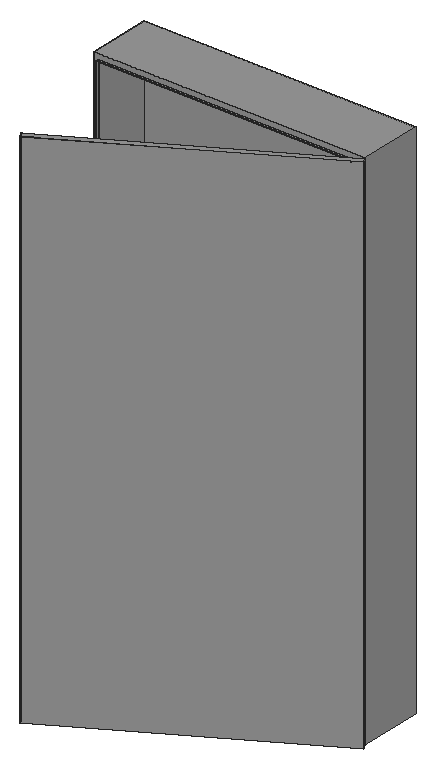
Revit family "Hager-Univers-IP44-D205-H1550-Cl.II-Encl-NoHosted-CH-en", category Equipement électrique, Revit 2020
Family settings
  Configuration du panneau = Deux colonnes, circuits au sein
  Cote de connecteur circulaire = Utiliser le diamètre
  Type d'élément = Tableau de raccordement
  Basée sur le plan de construction = Oui
  Toujours verticalement = Oui
  Couper avec des vides une fois chargée = Non
  Partagée = Non
  Point de calcul de pièce = Non
Parameters (values of type "Surface mounted (plaster) IP44 W800 H1550 D205  - FP03SN2")
  Width Control [instance] = if([EF000008 - Width] > Min Width, [EF000008 - Width], Min Width)  # 800 mm
  Commentaires du type = [HG000003 - Range]  # "Univers"
  Thickness Door [instance] = if([EF009171 - Material plate thickness door/cover] > 3 mm, 3 mm, [EF009171 - Material plate thickness door/cover])  # 1 mm
  Seal Frame Offset [instance] = 17 mm  # constant formula
  Plinth Visibility [instance] = [HG000027 - Plinth height] > 0 mm  # no
  Min Width [instance] = 100 mm  # constant formula
  Min Depth [instance] = (2 * [EF009170 - Material plate thickness cabinet]) + 1 mm  # 3 mm
  Min Height [instance] = 100 mm  # constant formula
  Internal Frame Depth [instance] = (Door System Depth * 0.5)  # 9 mm
  Panel Name [instance] = ""  # (empty or 0)
  Model = ""
  HG000027 - Plinth height = 0 mm
  HG000026 - Floor standing = no
  HG000024 - Bottom section height = 600 mm
  HG000023 - Double section enclosure = no
  HG000016 - Door 3d visibility [instance] = yes
  HG000015 - Clearance visibility [instance] = no
  HG000014 - Door on the right [instance] = yes
  HG000013 - Door on the left [instance] = not([HG000014 - Door on the right])  # no
  HG000012 - Door swing angle [instance] = 30.00°
  HG000010 - Asymmetric doors = no
  HG000009 - Double swing door = no
  HG000006 - Flush mounted = no
  HG000004 - Manufacturer reference = "FP03SN2"
  HG000003 - Range = "Univers"
  HG000002 - With door or cover = yes
  Frame Offset Bottom [instance] = 10 mm  # constant formula
  Frame Offset [instance] = 15 mm  # constant formula
  EF015940 - Cover with overpressure release = no
  EF011959 - Degree of protection (NEMA) = ""
  EF009554 - Number of openings for flange plates = 6
  EF009212 - Cover model = "EV000116 - Closed"
  EF009171 - Material plate thickness door/cover = 1 mm
  EF009170 - Material plate thickness cabinet = 1 mm
  EF008873 - Nominal current (In) = 250 A
  EF007800 - Suitable for lightning protection = no
  EF006306 - With lock = no
  EF006244 - Transparent cover/door = no
  EF005474 - Degree of protection (IP) = "EV006418 - IP44"
  EF004464 - Type of door = "EV002646 - Single"
  EF004427 - Number of modules = 360
  EF004293 - Impact strength = "EV006815 - IK09"
  EF003532 - Suitable for outdoor use = no
  EF002950 - Width in number of modular spacings = 36
  EF001613 - Circuit integrity = "EV000494 - None"
  EF001596 - Material housing = "EV000179 - Steel"
  EF001131 - Internal depth = 143 mm
  EF001088 - Extension possible = yes
  EF000437 - Number of conduit inlets = 6
  EF000339 - Type of cover = "EV001012 - Cover"
  EF000266 - Number of rows = 10
  EF000218 - Built-in depth = 205 mm
  EF000118 - With mounting plate = no
  EF000116 - RAL-number = "9010"
  EF000049 - Depth = 205 mm
  EF000040 - Height = 1550 mm
  EF000008 - Width = 800 mm
  EF000007 - Colour = "EV000202 - White"
  EF000003 - Mounting method = "EV000384 - Surface mounted (plaster)"
  Door System Leaf Tolerance [instance] = 1.5 mm  # constant formula
  Door System Depth [instance] = 18 mm  # constant formula
  Door Height [instance] = Height Control - [HG000027 - Plinth height]  # 1550 mm
  Description = ""
  Default Elevation = 1219.2 mm
  Connector Offset [instance] = Height Control / 2  # 775 mm
  Fabricant = "Hager"  # constant formula
  Height Control [instance] = if([EF000040 - Height] > Min Height, [EF000040 - Height], Min Height)  # 1550 mm
  Depth Control [instance] = if([EF000049 - Depth] > Min Depth, [EF000049 - Depth], Min Depth)  # 205 mm
  Bottom Top Plate Trim [instance] = 1.5 mm  # constant formula
  Plinth height Ctrl [instance] = if([HG000027 - Plinth height] > 0 mm, [HG000027 - Plinth height], 12 mm)  # 12 mm
Types (5, lengths in mm): name | Width Control | HG000009 - Double swing door | HG000004 - Manufacturer reference | EF009554 - Number of openings for flange plates | EF008873 - Nominal current (In) | EF004464 - Type of door | EF004427 - Number of modules | EF002950 - Width in number of modular spacings | EF001131 - Internal depth | EF000437 - Number of conduit inlets | EF000008 - Width
  Surface mounted (plaster) IP44 W1050 H1550 D205  - FP04SN2 | 1050 | yes | "FP04SN2" | 8 | 400 A | "EV003602 - Double" | 480 | 48 | 143 | 8 | 1050
  Surface mounted (plaster) IP44 W1300 H1550 D205  - FP05SN2 | 1300 | yes | "FP05SN2" | 10 | 400 A | "EV003602 - Double" | 600 | 60 | 143 | 10 | 1300
  Surface mounted (plaster) IP44 W300 H1550 D205  - FP01SN2 | 300 | no | "FP01SN2" | 2 | 250 A | "EV002646 - Single" | 120 | 12 | 130 | 2 | 300
  Surface mounted (plaster) IP44 W550 H1550 D205  - FP02SN2 | 550 | no | "FP02SN2" | 4 | 250 A | "EV002646 - Single" | 240 | 24 | 143 | 4 | 550
  Surface mounted (plaster) IP44 W800 H1550 D205  - FP03SN2 | 800 | no | "FP03SN2" | 6 | 250 A | "EV002646 - Single" | 360 | 36 | 143 | 6 | 800
Reference planes
  plane 1 "Center (Front/Back)": y = 0
  plane 2: z = 0
  plane 3 "Center (Left/Right)": x = 0
  plane 4: y = 0
  plane 5: y = 0
  plane 6: z = 0
  plane 7: x = -400
  plane 8: x = 400
  plane 9: x = 399
  plane 10: x = -399
  plane 11: z = 0
  plane 12: z = 1
  plane 13: y = -205
  plane 14: y = -1
  plane 15: x = 0
  plane 16: y = -187
  plane 17: y = -204
  plane 18: y = -186
  plane 19: x = -384
  plane 20: x = 384
  plane 21: z = 11
  plane 22: x = -383
  plane 23: x = 383
  plane 24: z = 0
  plane 25: z = 1550
  plane 26: z = 1550
  plane 27: z = 1534
  plane 28: z = 1549
Forms (mm)
  Extrusion 1, solid, material "Hager_Steel_RAL7035_Light_Grey", detail levels medium+fine
    sketch origin (-208.679, -4572, 0) x (-1, 0, 0) y (0, -1, 0)
      loop
        line (191.321, -4385) -> (-608.679, -4385) -> (-608.679, -4572) -> (191.321, -4572) -> (191.321, -4385)
    from 0 to 1550
  Extrusion 2, void
    sketch origin (-350.771, -205, 1219.2) x (1, 0, 0) y (0, 0, 1)
      loop
        line (-48.229, 329.8) -> (-48.229, -1218.2) -> (749.771, -1218.2) -> (749.771, 329.8) -> (-48.229, 329.8)
    from -19 to -204
  Extrusion 3, void
    sketch origin (-290.084, -187, 1219.2) x (1, 0, 0) y (0, 0, 1)
      loop
        line (-93.916, -1208.2) -> (674.084, -1208.2) -> (674.084, 314.8) -> (-93.916, 314.8) -> (-93.916, -1208.2)
    from 0 to -1
  Extrusion 4, solid, material "Hager_Steel_RAL7035_Light_Grey", visible <- "Plinth Visibility", detail levels medium+fine
    sketch origin (0, 0, 0) x (1, 0, 0) y (0, 1, 0)
      loop
        line (-400, 0) -> (-400, -187) -> (400, -187) -> (400, 0) -> (-400, 0)
    from 0 to 12 <- "Plinth height Ctrl"
  Extrusion 5, solid, material "Hager_Steel_RAL7035_Light_Grey", detail levels coarse
    sketch origin (0, 0, 0) x (1, 0, 0) y (0, 1, 0)
      loop
        line (-400, 0) -> (-400, -205) -> (400, -205) -> (400, 0) -> (-400, 0)
    from 0 to 1550 <- "Height Control"
  Sweep 6, void
    path in 3D
      loop
        line (-400, -187, 12) -> (400, -187, 12) -> (400, 0, 12) -> (-400, 0, 12) -> (-400, -187, 12)
    profile origin (-400, -93.5, 12) x (1, 0, 0) y (0, 0, 1)
      loop
        line (0, 0) -> (0, -1.5) -> (1.5, -1.5)
        arc (1.5, -1.5) -> (1.061, -0.439) -> (0, 0) r 1.5
  Extrusion 7, solid, material "Hager_Steel_RAL7035_Light_Grey", detail levels fine
    sketch origin (-400, -187, 0) x (1, 0, 0) y (0, 0, 1)
      loop
        line (16, 11) -> (784, 11) -> (784, 1534) -> (16, 1534) -> (16, 11)
      loop
        line (15, 10) -> (785, 10) -> (785, 1535) -> (15, 1535) -> (15, 10)
    from 0 to 9 <- "Internal Frame Depth"
Cuts and joins
  Extrusion 2, Extrusion 3 cuts Extrusion 1
  Sweep 6 cuts Extrusion 4
Lines and regions (mm)
  Masking region 1
    outline origin (0, 0, 0) x (1, 0, 0) y (0, 1, 0)
      loop
        line (-400, 0) -> (-400, -205) -> (400, -205) -> (400, 0) -> (-400, 0)
  Masking region 2, detail levels coarse
    outline origin (-290.084, -187, 1219.2) x (-1, 0, 0) y (0, 0, 1)
      loop
        line (-690.084, -1219.2) -> (109.916, -1219.2) -> (109.916, 330.8) -> (-690.084, 330.8) -> (-690.084, -1219.2)
  Masking region 3, detail levels coarse
    outline origin (0, 0, 0) x (0, 1, 0) y (0, 0, 1)
      loop
        line (0, 0) -> (0, 1550) -> (-205, 1550) -> (-205, 0) -> (0, 0)
  Masking region 4, visible <- "Plinth Visibility", detail levels medium+fine
    outline origin (0, 0, 0) x (0, 1, 0) y (0, 0, 1)
      loop
        line (-1.5, 12) -> (-185.5, 12)
        arc (-185.5, 12) -> (-185.939, 10.939) -> (-187, 10.5) r 1.5
        line (-187, 10.5) -> (-187, 0) -> (0, 0) -> (0, 10.5)
        arc (0, 10.5) -> (-1.061, 10.939) -> (-1.5, 12) r 1.5
  Masking region 5, detail levels medium+fine
    outline origin (0, 0, 594.038) x (0, 1, 0) y (0, 0, 1)
      loop
        line (0, -594.038) -> (0, 955.962) -> (-187, 955.962) -> (-187, -594.038) -> (0, -594.038)
  Masking region 6, detail levels medium+fine
    outline origin (-359.7, -187, 1211.883) x (-1, 0, 0) y (0, 0, 1)
      loop
        line (-759.7, -1211.883) -> (40.3, -1211.883) -> (40.3, 338.117) -> (-759.7, 338.117) -> (-759.7, -1211.883)
  Masking region 7, visible <- "Plinth Visibility", detail levels medium+fine
    outline origin (-320.334, -187, 1041.368) x (-1, 0, 0) y (0, 0, 1)
      loop
        line (-720.334, -1041.368) -> (79.666, -1041.368) -> (79.666, -1030.868)
        arc (79.666, -1030.868) -> (78.606, -1030.429) -> (78.166, -1029.368) r 1.5
        line (78.166, -1029.368) -> (-718.834, -1029.368)
        arc (-718.834, -1029.368) -> (-719.273, -1030.429) -> (-720.334, -1030.868) r 1.5
        line (-720.334, -1030.868) -> (-720.334, -1041.368)
  sketch lines
    curve 1: line (-400, 0, 12) -> (-400, -187, 12)
    curve 2: line (-400, -187, 12) -> (400, -187, 12)
    curve 3: line (400, 0, 12) -> (-400, 0, 12)
    curve 4: line (400, -187, 12) -> (400, 0, 12)
Dimensions and locks
  locked: plane 1 "Center (Front/Back)" to plane 5
  "EF009170 - Material plate thickness cabinet": plane 7 to plane 10
  "EF009170 - Material plate thickness cabinet": plane 8 to plane 9
  equal spacing: plane 7, plane 3 "Center (Left/Right)", plane 8
  "Width Control": plane 7 to plane 8
  "Depth Control": plane 4 to plane 13
  "EF009170 - Material plate thickness cabinet": plane 4 to plane 14
  "Height Control": plane 25 to level
  "HG000027 - Plinth height": plane 11 to level
  "EF009170 - Material plate thickness cabinet": plane 12 to plane 11
  "EF009170 - Material plate thickness cabinet": plane 17 to plane 13
  "EF009170 - Material plate thickness cabinet": plane 18 to plane 16
  "Frame Offset Bottom": plane 21 to plane 12
  "Frame Offset": plane 10 to plane 19
  "Frame Offset": plane 9 to plane 20
  "Door System Depth": plane 16 to plane 13
  "Seal Frame Offset": plane 7 to plane 22
  "Seal Frame Offset": plane 8 to plane 23
  "EF009170 - Material plate thickness cabinet": plane 26 to plane 28
  "Frame Offset": plane 28 to plane 27
  "Connector Offset": plane 2 to connector elem
  "Bottom Top Plate Trim": profile plane to Sweep 6 sketch curve
  "Bottom Top Plate Trim": Sweep 6 sketch curve to Sweep 6 sketch curve
  "Plinth height Ctrl": Masking region 4 sketch curve to level
  "Plinth height Ctrl": Masking region 7 sketch curve to level
  "Thickness Door": Extrusion 7 sketch curve to Extrusion 7 sketch curve  (x4)
  "Bottom Top Plate Trim": radius of Sweep 6 sketch curve
  "Bottom Top Plate Trim": radius of Masking region 4 sketch curve  (x2)
  "Bottom Top Plate Trim": radius of Masking region 7 sketch curve  (x2)
  aligned and locked: Extrusion 2 sketch curve to plane 12
  aligned and locked: Extrusion 2 sketch curve to plane 9
  aligned and locked: Extrusion 2 sketch curve to plane 10
  aligned and locked: Extrusion 2 to plane 14
  aligned and locked: Extrusion 1 sketch curve to plane 4
  aligned and locked: plane 8 to Extrusion 1 sketch curve
  aligned and locked: plane 7 to Extrusion 1 sketch curve
  aligned and locked: Extrusion 2 to plane 18
  aligned and locked: Extrusion 3 sketch curve to plane 19
  aligned and locked: plane 20 to Extrusion 3 sketch curve
  aligned and locked: Extrusion 3 to Extrusion 2
  aligned and locked: Extrusion 3 sketch curve to plane 21
  aligned and locked: plane 3 "Center (Left/Right)" to nested 1
  aligned and locked: Extrusion 1 sketch curve to plane 16
  aligned and locked: Extrusion 4 sketch curve to cut or joined group of Extrusion 1, Extrusion 2, Extrusion 3
  aligned and locked: Masking region 1 sketch curve to plane 7
  aligned and locked: Masking region 1 sketch curve to plane 5
  aligned and locked: Masking region 1 sketch curve to plane 8
  aligned and locked: Masking region 2 sketch curve to level
  aligned and locked: level to Masking region 3 sketch curve
  aligned and locked: plane 1 "Center (Front/Back)" to Masking region 3 sketch curve
  aligned and locked: plane 13 to Masking region 3 sketch curve
  aligned and locked: plane 5 to Masking region 4 sketch curve
  aligned and locked: Masking region 2 sketch curve to plane 8
  aligned and locked: Masking region 2 sketch curve to plane 7
  aligned and locked: plane 7 to nested 2
  aligned and locked: nested 2 to plane 5
  aligned and locked: plane 5 to Masking region 5 sketch curve
  aligned and locked: plane 26 to Masking region 5 sketch curve
  aligned and locked: Extrusion 5 sketch curve to plane 8
  aligned and locked: Extrusion 5 sketch curve to plane 7
  aligned and locked: Extrusion 5 sketch curve to plane 5
  aligned and locked: Extrusion 3 sketch curve to plane 27
  aligned and locked: Extrusion 2 sketch curve to plane 28
  aligned and locked: Masking region 2 to plane 25
  aligned and locked: Extrusion 4 to plane 16
  aligned and locked: profile plane to Sweep 6 sketch curve
  aligned and locked: Masking region 5 sketch curve to plane 24
  aligned and locked: level to Masking region 4 sketch curve
  aligned and locked: Masking region 1 to plane 13
  aligned and locked: nested 1 to plane 16
  aligned and locked: Masking region 3 to plane 25
  aligned and locked: plane 16 to Masking region 4 sketch curve
  aligned and locked: Masking region 5 sketch curve to plane 16
  aligned and locked: plane 24 to plane 11
  aligned and locked: plane 26 to plane 25
  aligned and locked: plane 26 to cut or joined group of Extrusion 1, Extrusion 2, Extrusion 3
  aligned and locked: nested 1 to plane 24
  aligned and locked: Extrusion 1 to Extrusion 3
  aligned and locked: Masking region 6 sketch curve to plane 8
  aligned and locked: Masking region 6 sketch curve to plane 24
  aligned and locked: Masking region 6 sketch curve to plane 7
  aligned and locked: Masking region 6 sketch curve to plane 26
  aligned and locked: Masking region 7 sketch curve to plane 7
  aligned and locked: level to Masking region 7 sketch curve
  aligned and locked: Masking region 7 sketch curve to plane 8
  aligned and locked: Extrusion 7 sketch curve to cut or joined group of Extrusion 1, Extrusion 2, Extrusion 3  (x4)
Automatic sketch dimensions
  plane 19 to Extrusion 3 sketch curve = 0 mm
  Extrusion 3 sketch curve to plane 20 = 0 mm
  Extrusion 3 sketch curve to plane 21 = 0 mm
  Extrusion 4 sketch curve to plane 7 = 0 mm
  Extrusion 4 sketch curve to plane 8 = 0 mm
  Extrusion 4 sketch curve to plane 16 = 0 mm
  Masking region 1 sketch curve to plane 13 = 0 mm
  Masking region 2 sketch curve to plane 25 = 0 mm
  Masking region 3 sketch curve to plane 25 = 0 mm
  Extrusion 5 sketch curve to plane 13 = 0 mm
  profile plane to Sweep 6 sketch curve = 0 mm
Nested families
  nested 1: "EC000058_Univers_Door" at (0, -187, 0), Double <- "HG000009 - Double swing door", Transparent <- "EF006244 - Transparent cover/door", Angle <- "HG000012 - Door swing angle", Door_Right <- "HG000014 - Door on the right", Assymetrical <- "HG000010 - Asymmetric doors", Door <- "HG000002 - With door or cover", Width_Ctrl <- "Width Control", 3d_Door <- "HG000016 - Door 3d visibility", Clearance <- "HG000015 - Clearance visibility", Door_Left <- "HG000013 - Door on the left", Width <- "Width Control", Door_Depth <- "Door System Depth", Leaf_Tolerance <- "Door System Leaf Tolerance", Height <- "Door Height", Lock_Visibility <- "EF006306 - With lock", Thickness <- "Thickness Door", type "EC000058_Univers_Door", detail levels medium+fine
    with min_wh 3 mm, Width_Ctrl 800 mm, Width 800 mm, Transparent no, Thickness 1 mm, Seal_Material Hager_Rubber, Lock_Visibility no, Lock_Material Hager_Plastic_RAL9005_Jet_Black, Leaf_Width 800 mm, Leaf_Tolerance_External_Sides 0 mm, Leaf_Tolerance 1.5 mm, Leaf_Offset 0 mm, Leaf_Height 1547 mm, Leaf_2_Width 800 mm, Leaf_2_Offset 400 mm, Leaf_1_Width 800 mm, Leaf_1_Offset 400 mm, Height_Ctrl 1550 mm, Height 1550 mm, Glass_Material Hager_Glass, Double_Clearance_Ctrl no, Double no, Door_Right_Ctrl yes, Door_Right yes, Door_Material Hager_Steel_RAL7035_Light_Grey, Door_Left_Ctrl no, Door_Left no, Door_Depth 18 mm, Door yes, Clearance_Material Hager_Clearance, Clearance_Depth 800 mm, Clearance_Ctrl no, Clearance no, Assymetrical no, Angle 30.00°, 3d_Door yes
  nested 2: "Hager_Enclosure_Symbol" at (-400, 0, 0), Height <- "Depth Control", Width <- "Width Control", type "Hager_Enclosure_Symbol"
    with Width_Ctrl 800 mm, Width 800 mm, Height_Ctrl 205 mm, Height 205 mm, A_Width_Int 13.453 mm, A_Width 161.438 mm, A_Height_Ctrl 179.375 mm, A_Height 179.375 mm
Connectors
  electrical at (0, 0, 775)
    settings: on plane 1 "Center (Front/Back)", index 1, voltage 0 V, apparent load 0 VA, apparent load phase1 0 VA, apparent load phase2 0 VA, apparent load phase3 0 VA, power factor 1, load classification "Other", number of poles 1, system type 30, power factor state 1, is connector primary yes, connector utility no, sub classification motor no, connector description ""
Definition of nested family "EC000058_Univers_Door"
  Parameters (values of type "EC000058_Univers_Door")
    min_wh [instance] = (2 * Thickness) + 1 mm  # 11 mm
    Width_Ctrl [instance] = 400 mm
    Width [instance] = 500 mm
    Transparent [instance] = yes
    Thickness [instance] = 5 mm
    Seal_Material [instance] = none
    Lock_Visibility [instance] = yes
    Lock_Material [instance] = none
    Leaf_Width [instance] = if((Width_Ctrl - 2 * Leaf_Tolerance_External_Sides) > 0 mm, (Width_Ctrl - 2 * Leaf_Tolerance_External_Sides), min_wh)  # 400 mm
    Leaf_Tolerance_External_Sides [instance] = 0 mm  # constant formula
    Leaf_Tolerance [instance] = 1.5 mm
    Leaf_Offset [instance] = 0 mm  # constant formula
    Leaf_Height [instance] = if((Height_Ctrl - 2 * Leaf_Tolerance) > 0 mm, (Height_Ctrl - 2 * Leaf_Tolerance), min_wh)  # 497 mm
    Leaf_2_Width [instance] = if(and(and(Double, Assymetrical), Door_Left), (Leaf_Width / 3) - (Leaf_Tolerance / 2), if(and(and(Double, Assymetrical), Door_Right), (Leaf_Width / 3) * 2 - (Leaf_Tolerance / 2), if(and(Double, not(Assymetrical)), (Leaf_Width / 2) - Leaf_Tolerance, Leaf_Width)))  # 400 mm
    Leaf_2_Offset [instance] = if(and(Double, Assymetrical), Leaf_2_Width / 2, if(and(Double, not(Assymetrical)), Leaf_Width / 4, Leaf_Width / 2))  # 200 mm
    Leaf_1_Width [instance] = if(and(and(Double, Assymetrical), Door_Right), (Leaf_Width / 3) - (Leaf_Tolerance / 2), if(and(and(Double, Assymetrical), Door_Left), (Width / 3) * 2 - (Leaf_Tolerance / 2), if(and(Double, not(Assymetrical)), (Leaf_Width / 2) - Leaf_Tolerance, Leaf_Width)))  # 400 mm
    Leaf_1_Offset [instance] = if(and(Double, Assymetrical), Leaf_1_Width / 2, if(and(Double, not(Assymetrical)), Leaf_Width / 4, Leaf_Width / 2))  # 200 mm
    Height_Ctrl [instance] = if(Height > min_wh, Height, min_wh)  # 500 mm
    Height [instance] = 500 mm
    Glass_Material [instance] = none
    Double_Clearance_Ctrl [instance] = and(Double, Clearance)  # no
    Double [instance] = no
    Door_Right_Ctrl [instance] = and(or(Door_Right, Double), Door)  # yes
    Door_Right [instance] = yes
    Door_Material [instance] = none
    Door_Left_Ctrl [instance] = and(or(Door_Left, Double), Door)  # no
    Door_Left [instance] = no
    Door_Depth [instance] = 30 mm
    Door [instance] = yes
    Default Elevation = 1219.2 mm
    Clearance_Material [instance] = none
    Clearance_Depth [instance] = if(Leaf_1_Width > Leaf_2_Width, Leaf_1_Width, Leaf_2_Width)  # 400 mm
    Clearance_Ctrl [instance] = and(not(Double), Clearance)  # yes
    Clearance [instance] = yes
    Assymetrical [instance] = yes
    Angle [instance] = 30.00°
    3d_Door [instance] = yes
  Reference planes
    plane 1 "Center (Front/Back)": y = 0
    plane 2 "Bottom": z = 0
    plane 3 "Center (Left/Right)": x = 0
    plane 4: z = 500
    plane 5: x = -200
    plane 6: x = 200
    plane 7: z = 500
    plane 8: x = -200
    plane 9: z = 0
    plane 10: x = 200
    plane 11: y = 0
    plane 12: z = 1.5
    plane 13: x = -600
    plane 14: y = -400
    plane 15: x = 600
    plane 16: x = 0
    plane 17: x = 0
    plane 18: x = -200
    plane 19: x = 200
    plane 20: z = 498.5
  Forms (mm)
    Extrusion 1, solid, material <- "Clearance_Material", visible <- "Double_Clearance_Ctrl"
      sketch origin (1200, 0, 0) x (1, 0, 0) y (0, 0, -1)
        loop
          line (-1800, -498.5) -> (-600, -498.5) -> (-600, 0) -> (-1800, 0) -> (-1800, -498.5)
      from 0 to -400
  Dimensions and locks
    equal spacing: plane 5, plane 3 "Center (Left/Right)", plane 6
    "Width_Ctrl": plane 5 to plane 6
    "Leaf_Offset": plane 5 to plane 8
    "Leaf_Offset": plane 6 to plane 10
    "Leaf_Offset": plane 9 to level
    "Leaf_Offset": plane 4 to plane 7
    "Height_Ctrl": plane 4 to level
    "Leaf_Tolerance": plane 12 to plane 9
    locked: plane 11 to plane 1 "Center (Front/Back)"
    "Leaf_1_Offset": plane 18 to plane 16
    "Leaf_2_Offset": plane 17 to plane 19
    "Leaf_1_Width": plane 13 to plane 8
    "Leaf_2_Width": plane 10 to plane 15
    "Clearance_Depth": plane 14 to plane 1 "Center (Front/Back)"
    "Leaf_Tolerance_External_Sides": plane 8 to plane 18
    "Leaf_Tolerance_External_Sides": plane 19 to plane 10
    "Leaf_Tolerance": plane 7 to plane 20
    aligned and locked: level to plane 2 "Bottom"
    aligned and locked: nested 1 to plane 16
    aligned and locked: nested 2 to plane 17
    aligned and locked: Extrusion 1 to plane 13
    aligned and locked: plane 15 to Extrusion 1
    aligned and locked: Extrusion 1 to plane 14
    aligned and locked: plane 12 to nested 1
    aligned and locked: nested 2 to plane 12
    aligned and locked: Extrusion 1 to plane 11
    aligned and locked: plane 20 to Extrusion 1
    aligned and locked: nested 2 to plane 11
    aligned and locked: nested 1 to plane 11
  Automatic sketch dimensions
    Extrusion 1 sketch curve to level = 0 mm
    plane 5 to Extrusion 1 sketch curve = 400 mm
    plane 6 to Extrusion 1 sketch curve = 400 mm
    Extrusion 1 sketch curve to plane 4 = 1.5 mm
  Nested families
    nested 1: "EC000058_Univers_Door_Leaf" at (0, 0, 1.5), Width <- "Leaf_1_Width", visible <- "Door_Left_Ctrl", Leaf_Height <- "Leaf_Height", Angle <- "Angle", 3d_Door <- "3d_Door", Transparent <- "Transparent", Clearance Material <- "Clearance_Material", Clearance <- "Clearance_Ctrl", Door_Material <- "Door_Material", Glass_Material <- "Glass_Material", Door_Depth <- "Door_Depth", Lock_Material <- "Lock_Material", Seal_Material <- "Seal_Material", Lock_Visibility <- "Lock_Visibility", Thickness <- "Thickness", type "EC000058_Univers_Door_Leaf"
      with Width 400 mm, Transparent_Glass_Offset 30 mm, Transparent_Ctrl yes, Transparent yes, Thickness 5 mm, Standard no, Seal_Material none, Seal_D2 8 mm, Seal_D1 1 mm, Offset_Internal_Frame 10 mm, Lock_Width 20 mm, Lock_Visibility_3d yes, Lock_Visibility yes, Lock_Thickness_3 3 mm, Lock_Thickness_2 1 mm, Lock_Thickness_1 3 mm, Lock_Radius_Offset_2 16 mm, Lock_Radius_Offset_1 15 mm, Lock_Radius_2 5 mm, Lock_Radius 6 mm, Lock_Offset 5 mm, Lock_Material none, Lock_Height 80 mm, Lock_Cover_Top_Offset_2d 17 mm, Lock_Cover_Height -65 mm, Leaf_Height 497 mm, Internal_Seal_Thickness 8 mm, Internal_Seal_Depth_2 4.5 mm, Internal_Frame_Depth 25 mm, Glass_Thickness -1 mm, Glass_Offset -2 mm, Glass_Material none, Door_Material none, Door_Depth 30 mm, Clearance Material none, Clearance yes, Angle_Ctrl 30.00°, Angle 30.00°, 3d_Door yes
    nested 2: "EC000058_Univers_Door_Leaf" at (0, 0, 1.5) x (-1, 0, 0) z (0, 0, 1), Width <- "Leaf_2_Width", visible <- "Door_Right_Ctrl", Leaf_Height <- "Leaf_Height", Angle <- "Angle", 3d_Door <- "3d_Door", Transparent <- "Transparent", Clearance Material <- "Clearance_Material", Clearance <- "Clearance_Ctrl", Door_Material <- "Door_Material", Glass_Material <- "Glass_Material", Door_Depth <- "Door_Depth", Lock_Material <- "Lock_Material", Seal_Material <- "Seal_Material", Lock_Visibility <- "Lock_Visibility", Thickness <- "Thickness", type "EC000058_Univers_Door_Leaf"
      with Width 400 mm, Transparent_Glass_Offset 30 mm, Transparent_Ctrl yes, Transparent yes, Thickness 5 mm, Standard no, Seal_Material none, Seal_D2 8 mm, Seal_D1 1 mm, Offset_Internal_Frame 10 mm, Lock_Width 20 mm, Lock_Visibility_3d yes, Lock_Visibility yes, Lock_Thickness_3 3 mm, Lock_Thickness_2 1 mm, Lock_Thickness_1 3 mm, Lock_Radius_Offset_2 16 mm, Lock_Radius_Offset_1 15 mm, Lock_Radius_2 5 mm, Lock_Radius 6 mm, Lock_Offset 5 mm, Lock_Material none, Lock_Height 80 mm, Lock_Cover_Top_Offset_2d 17 mm, Lock_Cover_Height -65 mm, Leaf_Height 497 mm, Internal_Seal_Thickness 8 mm, Internal_Seal_Depth_2 4.5 mm, Internal_Frame_Depth 25 mm, Glass_Thickness -1 mm, Glass_Offset -2 mm, Glass_Material none, Door_Material none, Door_Depth 30 mm, Clearance Material none, Clearance yes, Angle_Ctrl 30.00°, Angle 30.00°, 3d_Door yes
  Definition of nested family "EC000058_Univers_Door_Leaf"
    Parameters (values of type "EC000058_Univers_Door_Leaf")
      Width [instance] = 2000 mm
      Transparent_Glass_Offset [instance] = 30 mm
      Transparent_Ctrl [instance] = and(Transparent, [3d_Door])  # yes
      Transparent [instance] = yes
      Thickness [instance] = 5 mm
      Standard [instance] = and(not(Transparent), [3d_Door])  # no
      Seal_Material [instance] = none
      Seal_D2 [instance] = 8 mm  # constant formula
      Seal_D1 [instance] = 1 mm  # constant formula
      Offset_Internal_Frame [instance] = 10 mm  # constant formula
      Lock_Width [instance] = 20 mm  # constant formula
      Lock_Visibility_3d [instance] = and(Lock_Visibility, [3d_Door])  # yes
      Lock_Visibility [instance] = yes
      Lock_Thickness_3 [instance] = 3 mm  # constant formula
      Lock_Thickness_2 [instance] = 1 mm  # constant formula
      Lock_Thickness_1 [instance] = 3 mm  # constant formula
      Lock_Radius_Offset_2 [instance] = Lock_Radius_Offset_1 + 1 mm  # 16 mm
      Lock_Radius_Offset_1 [instance] = 15 mm  # constant formula
      Lock_Radius_2 [instance] = Lock_Radius - 1 mm  # 5 mm
      Lock_Radius [instance] = 6 mm  # constant formula
      Lock_Offset [instance] = 5 mm  # constant formula
      Lock_Material [instance] = none
      Lock_Height [instance] = 80 mm  # constant formula
      Lock_Cover_Top_Offset_2d [instance] = Lock_Radius_Offset_2 + 1 mm  # 17 mm
      Lock_Cover_Height [instance] = -(Lock_Height - Lock_Radius_Offset_1)  # -65 mm
      Leaf_Height [instance] = 2720.336 mm
      Internal_Seal_Thickness [instance] = 8 mm  # constant formula
      Internal_Seal_Depth_2 [instance] = 4.5 mm  # constant formula
      Internal_Frame_Depth [instance] = if(Door_Depth - Thickness > 5 mm, Door_Depth - Thickness, 5 mm)  # 25 mm
      Glass_Thickness [instance] = if(Thickness > 15 mm, Glass_Offset + 10 mm, -1 mm)  # -1 mm
      Glass_Offset [instance] = if(Thickness > 15 mm, -(Thickness + 10 mm) / 2, -2 mm)  # -2 mm
      Glass_Material [instance] = none
      Door_Material [instance] = none
      Door_Depth [instance] = 30 mm
      Default Elevation = 0 mm
      Clearance Material [instance] = none
      Clearance [instance] = yes
      Angle_Ctrl [instance] = if(Angle > 180.00°, 180.00°, Angle)  # 90.00°
      Angle [instance] = 90.00°
      3d_Door [instance] = yes
    Reference planes
      plane 1 "Center (Front/Back)": y = 0
      plane 2: z = 0
      plane 3 "Center (Left/Right)": x = 0
      plane 4: y = 2000
      plane 5: x = -1000
      plane 6: x = 1000
      plane 7: x = -3000
      plane 8: z = 2720.336
      plane 9: z = 30
      plane 10: z = 2690.336
      plane 11: x = 970
      plane 12: x = -970
      plane 13: y = -3
      plane 14: z = 107.833
      plane 15: y = -5
      plane 16: y = -223.314
      plane 17: x = -1000
      plane 18: z = 1360.168
      plane 19: y = 30
    Forms (mm)
      Extrusion 1, solid, material <- "Clearance Material", visible <- "Clearance"
        sketch origin (0, 0, 0) x (1, 0, 0) y (0, 0, 1)
          loop
            line (-3000, 2720.336) -> (-3000, 0) -> (1000, 0) -> (1000, 2720.336) -> (-3000, 2720.336)
        from 0 to -2000
      Extrusion 2, solid, material <- "Door_Material", visible <- "Standard", detail levels medium+fine
        sketch origin (-1000, 0, 0) x (0, 1, 0) y (-1, 0, 0)
          loop
            line (0, 30) -> (0, 25) -> (2000, 25) -> (2000, 30) -> (0, 30)
        from 0 to 2720.336 <- "Leaf_Height"
      Extrusion 3, solid, material <- "Door_Material", visible <- "Transparent_Ctrl", detail levels medium+fine
        sketch origin (-1000, 0, 0) x (0, 1, 0) y (-1, 0, 0)
          loop
            line (0, 25) -> (2000, 25) -> (2000, 30) -> (0, 30) -> (0, 25)
        from 0 to 2720.336 <- "Leaf_Height"
      Extrusion 4, void
        sketch origin (-1025, 2000, 0) x (0, 1, 0) y (0, 0, -1)
          loop
            line (-30, -2690.336) -> (-30, -30) -> (-1970, -30) -> (-1970, -2690.336) -> (-30, -2690.336)
        from 0 to 5 <- "Thickness"
      Sweep 5, solid, material <- "Seal_Material", visible <- "Transparent_Ctrl", detail levels fine
        path in 3D
          loop
            line (-1025, 30, 30) -> (-1025, 30, 2690.336) -> (-1025, 1970, 2690.336) -> (-1025, 1970, 30) -> (-1025, 30, 30)
        profile origin (-1025, 1000, 30) x (1, 0, 0) y (0, 0, 1)
          loop
            line (0, 0) -> (0, -8) -> (1, -8) -> (1, 0) -> (0, 0)
      Extrusion 6, solid, material <- "Glass_Material", visible <- "Transparent_Ctrl", detail levels medium+fine
        sketch origin (-1030, 0, 0) x (0, 1, 0) y (0, 0, -1)
          loop
            line (1970, -2690.336) -> (1970, -30) -> (30, -30) -> (30, -2690.336) -> (1970, -2690.336)
        from -2 <- "Glass_Offset" to -1 <- "Glass_Thickness"
      Extrusion 7, solid, material <- "Door_Material", visible <- "3d_Door", detail levels medium+fine
        sketch origin (-1025, 2000, 0) x (0, -1, 0) y (0, 0, -1)
          loop
            line (0, -2720.336) -> (2000, -2720.336) -> (2000, 0) -> (0, 0) -> (0, -2720.336)
          loop
            line (1995, -5) -> (5, -5) -> (5, -2715.336) -> (1995, -2715.336) -> (1995, -5)
        from 0 to 25 <- "Internal_Frame_Depth"
      Sweep 8, solid, material <- "Seal_Material", visible <- "Transparent_Ctrl", detail levels fine
        path in 3D
          loop
            line (-1025, 0, 0) -> (-1025, 2000, 0) -> (-1025, 2000, 2720.336) -> (-1025, 0, 2720.336) -> (-1025, 0, 0)
        profile origin (-1025, 0, 1360.168) x (1, 0, 0) y (0, 1, 0)
          loop
            line (0, 10) -> (2.975, 10)
            arc (2.975, 10) -> (4.053, 10.447) -> (4.5, 11.525) r 1.525
            line (4.5, 11.525) -> (4.5, 16.527)
            arc (4.5, 16.527) -> (4.069, 17.569) -> (3.027, 18) r 1.473
            line (3.027, 18) -> (0, 18) -> (0, 10)
      Extrusion 9, solid, material <- "Lock_Material", visible <- "Lock_Visibility_3d", detail levels fine
        sketch origin (-1030, 0, 0) x (0, 1, 0) y (0, 0, -1)
          loop
            arc (1993.5, -1400.168) -> (1994.561, -1399.729) -> (1995, -1398.668) r 1.5
            line (1995, -1398.668) -> (1995, -1320.168) -> (1975, -1320.168) -> (1975, -1398.668)
            arc (1975, -1398.668) -> (1975.439, -1399.729) -> (1976.5, -1400.168) r 1.5
            line (1976.5, -1400.168) -> (1993.5, -1400.168)
        from 3 <- "Lock_Thickness_1" to 0
      Blend 10, solid, material <- "Lock_Material", visible <- "Lock_Visibility_3d", detail levels fine
        base sketch origin (-1033, 0, 0) x (0, 1, 0) y (0, 0, -1)
          loop
            line (1975, -1320.168) -> (1975, -1398.668)
            arc (1975, -1398.668) -> (1975.439, -1399.729) -> (1976.5, -1400.168) r 1.5
            line (1976.5, -1400.168) -> (1993.5, -1400.168)
            arc (1993.5, -1400.168) -> (1994.561, -1399.729) -> (1995, -1398.668) r 1.5
            line (1995, -1398.668) -> (1995, -1320.168) -> (1975, -1320.168)
        top sketch origin (-1033, 0, 0) x (0, 1, 0) y (0, 0, -1)
          loop
            line (1976, -1320.168) -> (1976, -1398.668)
            arc (1976, -1398.668) -> (1976.146, -1399.022) -> (1976.5, -1399.168) r 0.5
            line (1976.5, -1399.168) -> (1993.5, -1399.168)
            arc (1993.5, -1399.168) -> (1993.854, -1399.022) -> (1994, -1398.668) r 0.5
            line (1994, -1398.668) -> (1994, -1320.168) -> (1976, -1320.168)
        from 0 to 1 <- "Lock_Thickness_2"
      Blend 11, solid, material <- "Lock_Material", visible <- "Lock_Visibility_3d", detail levels fine
        base sketch origin (-1034, 0, 0) x (0, 1, 0) y (0, 0, -1)
          loop
            line (1978, -1320.168) -> (1978, -1384.168)
            arc (1978, -1384.168) -> (1985, -1391.168) -> (1992, -1384.168) r 7
            line (1992, -1384.168) -> (1992, -1320.168) -> (1978, -1320.168)
        top sketch origin (-1034, 0, 0) x (0, 1, 0) y (0, 0, -1)
          loop
            line (1991, -1320.168) -> (1979, -1320.168) -> (1979, -1383.168)
            arc (1979, -1383.168) -> (1985, -1389.168) -> (1991, -1383.168) r 6
            line (1991, -1383.168) -> (1991, -1320.168)
        from 0 to 3 <- "Lock_Thickness_3"
      Extrusion 12, solid, material <- "Lock_Material", visible <- "Lock_Visibility_3d", detail levels fine
        sketch origin (-1030, 1975, 1320.168) x (1, 0, 0) y (0, -1, 0)
          loop
            line (-7, -19) -> (-7, -1) -> (0, -1) -> (0, 0) -> (-8, 0) -> (-8, -20) -> (0, -20) -> (0, -19) -> (-7, -19)
        from 0 to -65 <- "Lock_Cover_Height"
      Extrusion 13, void
        sketch origin (-1038, 1995, 1320.168) x (-1, 0, 0) y (0, 0, -1)
          loop
            line (-5, -65) -> (0, -65) -> (-5, -60) -> (-5, -65)
        from 0 to 20 <- "Lock_Width"
      Extrusion 14, void
        sketch origin (-1038, 1975, 1320.168) x (0, -1, 0) y (0, 0, -1)
          loop
            circle (-10, -15.995) r 6
          loop
            circle (-10, -15.995) r 5
        from 0 to 2
      Extrusion 15, solid, material <- "Lock_Material", visible <- "Lock_Visibility_3d", detail levels medium
        sketch origin (-1030, 0, 0) x (0, 1, 0) y (0, 0, -1)
          loop
            arc (1993.5, -1400.168) -> (1994.561, -1399.729) -> (1995, -1398.668) r 1.5
            line (1995, -1398.668) -> (1995, -1320.168) -> (1975, -1320.168) -> (1975, -1398.668)
            arc (1975, -1398.668) -> (1975.439, -1399.729) -> (1976.5, -1400.168) r 1.5
            line (1976.5, -1400.168) -> (1993.5, -1400.168)
        from 8 to 0
    Cuts and joins
      Extrusion 4 cuts Extrusion 3
      Extrusion 13, Extrusion 14 cuts Extrusion 9
      Extrusion 14 cuts Blend 11
      Extrusion 13, Extrusion 14 cuts Extrusion 12
      joined: Extrusion 9, Blend 10, Blend 11, Extrusion 12
      Extrusion 14 cuts Extrusion 15
    Lines and regions (mm)
      Masking region 1, visible <- "Lock_Visibility", detail levels fine
        outline origin (0, 0, 0) x (0, 1, 0) y (0, 0, 1)
          loop
            line (30, 1320.168) -> (33, 1320.168) -> (33, 1400.168) -> (30, 1400.168) -> (30, 1320.168)
      Masking region 2, visible <- "Lock_Visibility", detail levels fine
        outline origin (0, 3.143, 0) x (0, 1, 0) y (0, 0, 1)
          loop
            line (29.857, 1354.168) -> (30.857, 1354.168) -> (30.857, 1366.168) -> (29.857, 1366.168) -> (29.857, 1354.168)
      Masking region 3, detail levels medium+fine
        outline origin (0, 0, 0) x (0, 1, 0) y (0, 0, 1)
          loop
            line (0, 0) -> (30, 0) -> (30, 2720.336) -> (0, 2720.336) -> (0, 0)
      Masking region 4, detail levels medium+fine
        outline origin (0, 0, 0) x (1, 0, 0) y (0, 0, 1)
          loop
            line (-1000, 2720.336) -> (-1000, 0) -> (1000, 0) -> (1000, 2720.336) -> (-1000, 2720.336)
      Masking region 5, visible <- "Lock_Visibility", detail levels fine
        outline origin (-47.116, 0, 0) x (1, 0, 0) y (0, 0, 1)
          loop
            arc (1024.616, 1399.168) -> (1023.556, 1398.729) -> (1023.116, 1397.668) r 1.5
            line (1023.116, 1397.668) -> (1023.116, 1320.168) -> (1041.116, 1320.168) -> (1041.116, 1397.668)
            arc (1041.116, 1397.668) -> (1040.677, 1398.729) -> (1039.616, 1399.168) r 1.5
            line (1039.616, 1399.168) -> (1024.616, 1399.168)
      Masking region 6, visible <- "Lock_Visibility", detail levels medium+fine
        outline origin (-25, 0, 0) x (1, 0, 0) y (0, 0, 1)
          loop
            arc (1001.5, 1400.168) -> (1000.439, 1399.729) -> (1000, 1398.668) r 1.5
            line (1000, 1398.668) -> (1000, 1320.168) -> (1020, 1320.168) -> (1020, 1398.668)
            arc (1020, 1398.668) -> (1019.561, 1399.729) -> (1018.5, 1400.168) r 1.5
            line (1018.5, 1400.168) -> (1001.5, 1400.168)
      Masking region 7, visible <- "Lock_Visibility", detail levels fine
        outline origin (-73.735, 0, 0) x (1, 0, 0) y (0, 0, 1)
          loop
            line (1051.735, 1382.168) -> (1065.735, 1382.168) -> (1065.735, 1384.168)
            arc (1065.735, 1384.168) -> (1058.735, 1391.168) -> (1051.735, 1384.168) r 7
            line (1051.735, 1384.168) -> (1051.735, 1382.168)
      Masking region 8, visible <- "Lock_Visibility", detail levels fine
        outline origin (-73.735, 0, 0) x (1, 0, 0) y (0, 0, 1)
          loop
            line (1052.735, 1382.168) -> (1064.735, 1382.168) -> (1064.735, 1383.168)
            arc (1064.735, 1383.168) -> (1058.735, 1389.168) -> (1052.735, 1383.168) r 6
            line (1052.735, 1383.168) -> (1052.735, 1382.168)
      Masking region 9, visible <- "Lock_Visibility", detail levels fine
        outline origin (-25, 0, 0) x (1, 0, 0) y (0, 0, 1)
          loop
            line (1020, 1320.168) -> (1020, 1382.168) -> (1000, 1382.168) -> (1000, 1320.168) -> (1020, 1320.168)
      Masking region 10, detail levels medium+fine
        outline origin (0, 0, 0) x (1, 0, 0) y (0, 0, 1)
          loop
            circle (985, 1335.144) r 6
      Masking region 11, detail levels fine
        outline origin (0, 0, 0) x (1, 0, 0) y (0, 0, 1)
          loop
            circle (985, 1335.144) r 5
      Masking region 12, visible <- "Lock_Visibility", detail levels fine
        outline origin (0, 12.767, 0) x (0, 1, 0) y (0, 0, 1)
          loop
            line (20.233, 1320.168) -> (21.233, 1320.168) -> (21.233, 1399.168) -> (20.233, 1400.168) -> (20.233, 1320.168)
      Masking region 13, visible <- "Lock_Visibility", detail levels fine
        outline origin (0, 13.767, -10) x (0, 1, 0) y (0, 0, 1)
          loop
            line (20.233, 1330.168) -> (23.233, 1330.168) -> (23.233, 1399.168) -> (20.233, 1402.168) -> (20.233, 1330.168)
      Masking region 14, visible <- "Lock_Visibility", detail levels fine
        outline origin (0, 12.767, -10) x (0, 1, 0) y (0, 0, 1)
          loop
            line (20.233, 1330.168) -> (25.233, 1330.168) -> (25.233, 1399.305) -> (20.233, 1394.305) -> (20.233, 1330.168)
      Masking region 15, visible <- "Lock_Visibility", detail levels medium
        outline origin (0, 0, 0) x (0, 1, 0) y (0, 0, 1)
          loop
            line (30, 1320.168) -> (38, 1320.168) -> (38, 1400.168) -> (30, 1400.168) -> (30, 1320.168)
      Masking region 16, visible <- "Lock_Visibility", detail levels fine
        outline origin (-1000, 0, 0) x (0, 1, 0) y (-1, 0, 0)
          loop
            line (1975, 30) -> (1995, 30) -> (1995, 38) -> (1975, 38) -> (1975, 30)
          loop
            line (1979, 37) -> (1976, 37) -> (1976, 34) -> (1978, 34) -> (1979, 37)
          loop
            line (1994, 37) -> (1991, 37) -> (1992, 34) -> (1994, 34) -> (1994, 37)
      Masking region 17, visible <- "Lock_Visibility", detail levels medium
        outline origin (-1000, 0, 0) x (0, 1, 0) y (-1, 0, 0)
          loop
            line (1975, 30) -> (1995, 30) -> (1995, 38) -> (1975, 38) -> (1975, 30)
      symbolic lines
        curve 1: line (1000, 0, 0) -> (-3000, 0, 0)
        curve 2: arc (1000, 0, 0) -> (-1000, 2000, 0) -> (-3000, 0, 0) r 2000
        curve 4: line (-1030, 0, 0) -> (-1030, 2000, 0)
      reference lines
        curve 3: line (-1000, 0, 0) -> (-1000, 2000, 0)
      symbolic lines, detail levels medium+fine
        curve 5: line (-1030, 2000, 0) -> (-1025, 2000, 0)
        curve 7: line (-1025, 0, 0) -> (-1030, 0, 0)
        curve 8: line (-1025, 0, 0) -> (-1000, 0, 0)
        curve 9: line (-1000, 0, 0) -> (-1000, 2000, 0)
        curve 10: line (-1000, 2000, 0) -> (-1025, 2000, 0)
      symbolic lines, detail levels fine
        curve 6: line (-1025, 2000, 0) -> (-1025, 0, 0)
      sketch lines
        curve 11: line (-1025, 0, 2720.336) -> (-1025, 0, 0)
        curve 12: line (-1025, 2000, 0) -> (-1025, 0, 0)
        curve 13: line (-1025, 2000, 2720.336) -> (-1025, 2000, 0)
        curve 14: line (-1025, 0, 2720.336) -> (-1025, 2000, 2720.336)
        curve 15: line (-1025, 1970, 30) -> (-1025, 30, 30)
        curve 16: line (-1025, 30, 30) -> (-1025, 30, 2690.336)
        curve 17: line (-1025, 1970, 2690.336) -> (-1025, 1970, 30)
        curve 18: line (-1025, 30, 2690.336) -> (-1025, 1970, 2690.336)
      symbolic lines, visible <- "Transparent", detail levels medium+fine
        curve 19: line (-970, 0, 2690.336) -> (970, 0, 2690.336)
        curve 20: line (-970, 0, 30) -> (-970, 0, 2690.336)
        curve 21: line (970, 0, 30) -> (-970, 0, 30)
        curve 22: line (970, 0, 2690.336) -> (970, 0, 30)
    Dimensions and locks
      "Width": plane 1 "Center (Front/Back)" to plane 4
      equal spacing: plane 5, plane 3 "Center (Left/Right)", plane 6
      "Width": plane 5 to plane 6
      "Width": plane 7 to plane 5
      "Leaf_Height": plane 8 to level
      "Width": curve 5 to curve 3
      "Width": curve 3 to curve 3
      plane 8 to plane 10 = 30 mm
      plane 9 to level = 30 mm
      plane 12 to plane 5 = 30 mm
      plane 6 to plane 11 = 30 mm
      Extrusion 1 to Extrusion 4 sketch curve = 30 mm
      "Transparent_Glass_Offset": curve 3 to Extrusion 4 sketch curve
      "Transparent_Glass_Offset": Extrusion 4 sketch curve to cut or joined group of Extrusion 3, Extrusion 4  (x2)
      cut or joined group of Extrusion 3, Extrusion 4 to Extrusion 6 sketch curve = 30 mm
      "Transparent_Glass_Offset": cut or joined group of Extrusion 3, Extrusion 4 to Extrusion 4 sketch curve
      "Thickness": curve 6 to curve 4
      "Thickness": Extrusion 7 sketch curve to Extrusion 7 sketch curve  (x4)
      "Door_Depth": curve 4 to curve 3
      "Offset_Internal_Frame": profile plane to Sweep 8 sketch curve
      "Internal_Seal_Thickness": Sweep 8 sketch curve to Sweep 8 sketch curve
      "Internal_Seal_Depth_2": profile plane to Sweep 8 sketch curve
      "Seal_D1": profile plane to Sweep 5 sketch curve
      "Seal_D2": profile plane to Sweep 5 sketch curve
      "Thickness": Extrusion 2 sketch curve to Extrusion 2 sketch curve
      equal spacing: Extrusion 9 sketch curve, plane 18, Extrusion 9 sketch curve  (x2)
      equal spacing: Masking region 1 sketch curve, plane 18, Masking region 1 sketch curve
      "Lock_Height": Masking region 1 sketch curve to Masking region 1 sketch curve
      "Lock_Radius": Masking region 2 sketch curve to plane 18 to Masking region 2 sketch curve
      Masking region 2 sketch curve to Masking region 1 = 1 mm
      "Door_Depth": plane 19 to plane 1 "Center (Front/Back)"
      "Lock_Thickness_1": Masking region 1 sketch curve to plane 19
      "Lock_Width": Extrusion 9 sketch curve to Extrusion 9 sketch curve
      "Lock_Height": Extrusion 9 sketch curve to Extrusion 9 sketch curve
      "Lock_Offset": cut or joined group of Extrusion 3, Extrusion 4 to Extrusion 9 sketch curve
      equal spacing: plane 8, plane 18, level
      "Lock_Radius_Offset_1": Blend 11 sketch curve to Blend 10
      locked: Blend 10 to Blend 11 sketch curve at 2  (x2)
      locked: var sketch to Blend 11 sketch curve at 1  (x2)
      "Lock_Radius_Offset_2": Blend 11 sketch curve to Blend 10
      locked: Extrusion 12 sketch curve to Extrusion 12 sketch curve at 1  (x3)
      Masking region 6 sketch curve to Masking region 6 sketch curve = 80 mm
      "Lock_Height": Masking region 6 sketch curve to Masking region 6 sketch curve
      "Lock_Width": Masking region 6 sketch curve to Masking region 6 sketch curve
      locked: Masking region 6 to Masking region 5 sketch curve at 1  (x3)
      locked: Masking region 5 to Masking region 7 sketch curve at 2  (x2)
      "Lock_Radius_Offset_1": Masking region 5 to Masking region 7 sketch curve
      "Lock_Radius_Offset_2": Masking region 5 to Masking region 8 sketch curve
      locked: Masking region 7 to Masking region 8 sketch curve at 1  (x2)
      "Lock_Cover_Top_Offset_2d": Masking region 5 to Masking region 9 sketch curve
      equal spacing: Masking region 9, Masking region 10 sketch curve, Masking region 9
      equal spacing: Masking region 9, Masking region 11 sketch curve, Masking region 9
      Extrusion 15 sketch curve to Extrusion 15 sketch curve = 80 mm
      "Lock_Width": Extrusion 15 sketch curve to Extrusion 15 sketch curve
      "Lock_Height": Extrusion 15 sketch curve to Extrusion 15 sketch curve
      equal spacing: Extrusion 15 sketch curve, plane 18, Extrusion 15 sketch curve
      "Lock_Thickness_3": Masking region 13 sketch curve to Masking region 13 sketch curve
      "Lock_Height": Masking region 12 sketch curve to Masking region 12 sketch curve
      locked: Masking region 13 sketch curve to Masking region 1 at 8
      locked: Masking region 14 sketch curve to Masking region 13 at 1
      locked: Masking region 14 sketch curve to Masking region 1 at 10.863
      "Lock_Height": Masking region 15 sketch curve to Masking region 15 sketch curve
      "Lock_Offset": Extrusion 15 sketch curve to cut or joined group of Extrusion 3, Extrusion 4
      "Lock_Offset": plane 6 to Masking region 6 sketch curve
      radius of Sweep 8 sketch curve = 1.525 mm
      radius of Sweep 8 sketch curve = 1.473 mm
      radius of Extrusion 9 sketch curve = 1.5 mm  (x2)
      "Lock_Radius": radius of Extrusion 14 sketch curve
      "Lock_Radius_2": radius of Extrusion 14 sketch curve
      "Lock_Radius": radius of Masking region 10 sketch curve
      "Lock_Radius_2": radius of Masking region 11 sketch curve
      radius of Extrusion 15 sketch curve = 1.5 mm  (x2)
      "Angle_Ctrl": angle plane 1 "Center (Front/Back)" to curve 3
      locked: Masking region 12 sketch curve to Masking region 12 sketch curve (angle 45.00°)
      locked: Masking region 13 sketch curve to Masking region 13 sketch curve (angle 45.00°)
      locked: Masking region 14 sketch curve to Masking region 14 sketch curve (angle 45.00°)
      aligned and locked: level to plane 2
      aligned and locked: Extrusion 1 to curve 1
      aligned and locked: plane 6 to Extrusion 1
      aligned and locked: Extrusion 1 to plane 1 "Center (Front/Back)"
      aligned and locked: plane 4 to Extrusion 1
      aligned and locked: plane 8 to Extrusion 1
      aligned and locked: curve 7 to Extrusion 2 sketch curve
      aligned and locked: curve 5 to Extrusion 2 sketch curve
      aligned and locked: curve 7 to Extrusion 3 sketch curve
      aligned and locked: Extrusion 3 sketch curve to curve 4
      aligned and locked: Extrusion 3 sketch curve to curve 6
      aligned and locked: Extrusion 3 sketch curve to curve 5
      aligned and locked: curve 9 to curve 3
      aligned and locked: Extrusion 7 sketch curve to cut or joined group of Extrusion 3, Extrusion 4  (x4)
      aligned and locked: plane 17 to curve 3
      aligned and locked: plane 1 "Center (Front/Back)" to curve 3
      aligned and locked: plane 17 to plane 5
      aligned and locked: Sweep 8 sketch curve to profile plane
      aligned and locked: Sweep 5 sketch curve to profile plane  (x2)
      aligned and locked: Masking region 1 to Masking region 2 sketch curve
      aligned and locked: plane 19 to Masking region 1 sketch curve
      aligned and locked: plane 1 "Center (Front/Back)" to Masking region 3 sketch curve
      aligned and locked: plane 19 to Masking region 3 sketch curve
      aligned and locked: level to Masking region 3 sketch curve
      aligned and locked: Masking region 3 sketch curve to plane 8
      aligned and locked: plane 17 to Masking region 4 sketch curve
      aligned and locked: level to Masking region 4 sketch curve
      aligned and locked: Masking region 4 sketch curve to plane 8
      aligned and locked: plane 12 to curve 20
      aligned and locked: plane 10 to curve 19
      aligned and locked: plane 11 to curve 22
      aligned and locked: curve 21 to plane 9
      aligned and locked: Extrusion 2 sketch curve to cut or joined group of Extrusion 3, Extrusion 4
      aligned and locked: Blend 10 sketch curve to Extrusion 9  (x4)
      aligned and locked: Extrusion 9 to Blend 10 sketch curve
      aligned and locked: Blend 10 to Blend 11 sketch curve
      aligned and locked: Extrusion 12 sketch curve to Blend 11
      aligned and locked: Extrusion 12 sketch curve to Extrusion 9  (x4)
      aligned and locked: Masking region 5 sketch curve to Masking region 6
      aligned and locked: Masking region 9 sketch curve to Masking region 6  (x3)
      aligned and locked: Masking region 12 sketch curve to Masking region 1
      aligned and locked: Masking region 13 sketch curve to Masking region 1
      aligned and locked: Masking region 12 to Masking region 14
      aligned and locked: Masking region 14 sketch curve to Masking region 1
      aligned and locked: Masking region 15 sketch curve to Masking region 14
      aligned and locked: Masking region 13 sketch curve to Masking region 12
      aligned and locked: Masking region 16 sketch curve to cut or joined group of Extrusion 14, Extrusion 15  (x4)
      aligned and locked: Masking region 16 sketch curve to cut or joined group of Extrusion 9, Blend 10, Blend 11, Extrusion 12, Extrusion 13, Extrusion 14  (x6)
      aligned and locked: cut or joined group of Extrusion 9, Blend 10, Blend 11, Extrusion 12, Extrusion 13, Extrusion 14 to Masking region 16 sketch curve
      aligned and locked: Masking region 17 sketch curve to cut or joined group of Extrusion 14, Extrusion 15  (x3)
      aligned and locked: Masking region 17 sketch curve to cut or joined group of Extrusion 9, Blend 10, Blend 11, Extrusion 12, Extrusion 13, Extrusion 14
      aligned and locked: Masking region 9 to Masking region 8 sketch curve
      aligned and locked: Masking region 9 to Masking region 7 sketch curve
    Automatic sketch dimensions
      plane 1 "Center (Front/Back)" to curve 2 = 0 mm
      curve 2 to plane 5 = 0 mm
      Extrusion 1 sketch curve to level = 0 mm
      Extrusion 1 sketch curve to plane 7 = 0 mm
      Extrusion 1 sketch curve to plane 6 = 0 mm
      Extrusion 1 sketch curve to plane 8 = 0 mm
      Extrusion 3 to Extrusion 6 sketch curve = 30 mm  (x4)
      Masking region 4 sketch curve to plane 6 = 0 mm
      Blend 10 sketch curve to Extrusion 9 = 1.5 mm
      Blend 10 sketch curve to Extrusion 9 = 1 mm
      Extrusion 13 sketch curve to Extrusion 12 = 0 mm  (x2)
      Extrusion 12 to Extrusion 13 sketch curve = 3 mm
      Extrusion 13 sketch curve to Extrusion 12 = 5 mm
      Extrusion 14 sketch curve to Extrusion 14 sketch curve = 0 mm  (x2)
      Extrusion 14 sketch curve to Extrusion 12 = 10 mm
      Extrusion 14 sketch curve to Extrusion 12 = 15.995 mm
      Masking region 5 sketch curve to Masking region 5 sketch curve = 1.5 mm  (x2)
      Masking region 10 sketch curve to plane 18 = 25.024 mm
      Masking region 11 sketch curve to plane 18 = 25.024 mm
      plane 19 to Masking region 14 sketch curve = 3 mm
      Masking region 16 sketch curve to Masking region 16 sketch curve = 3 mm
      curve 4 to curve 3 = 0 mm
      Blend 10 to Blend 11 sketch curve = 0 mm
      Masking region 6 sketch curve to Masking region 6 sketch curve = 1.5 mm  (x2)
      Masking region 6 sketch curve to plane 18 = 40 mm
      plane 19 to Masking region 12 sketch curve = 3 mm
      Masking region 12 sketch curve to Masking region 12 sketch curve = 1 mm
      Masking region 15 sketch curve to plane 19 = 0 mm
      Masking region 15 sketch curve to plane 18 = 40 mm
      radius of Blend 10 sketch curve to Extrusion 9 = 1 mm
Definition of nested family "Hager_Enclosure_Symbol"
  Parameters (values of type "Hager_Enclosure_Symbol")
    Width_Ctrl [instance] = if(Width > 1 mm, Width, 1 mm)  # 102.27 mm
    Width [instance] = 102.27 mm
    Height_Ctrl [instance] = if(Height > 1 mm, Height, 1 mm)  # 66.5 mm
    A_Width_Int [instance] = if(A_Width / 12 > 2 mm, A_Width / 12, 2 mm)  # 4.364 mm
    A_Width [instance] = if(A_Height_Ctrl * 0.9 > 2 mm, A_Height_Ctrl * 0.9, 2 mm)  # 52.369 mm
    A_Height_Ctrl [instance] = if(A_Height > 2 mm, A_Height, 2 mm)  # 58.188 mm
    Height [instance] = 66.5 mm
    A_Height [instance] = Height - (Height / 8)  # 58.188 mm
  Reference planes
    plane 1 "Centre (avant/arrière)": y = 0
    plane 2: z = 0
    plane 3 "Centre (gauche/droite)": x = 0
    plane 4: x = 52.369
    plane 5: y = 33.042
    plane 6: y = 41.77
    plane 7: y = 66.5
    plane 8: x = 26.184
    plane 9: y = 37.406
    plane 10: x = 102.27
    plane 11: y = 66.5
    plane 12: y = 8.313
  Lines and regions (mm)
    Filled region 1, type "Solid_Black", in view "Niveau de réf."
      outline origin (0, 0, 0) x (1, 0, 0) y (0, 1, 0)
        loop
          line (52.369, 66.5) -> (33.188, 54.536) -> (45.365, 45.006) -> (52.369, 66.5)
    Filled region 2, type "Solid_Black", in view "Niveau de réf."
      outline origin (0, 0, 0) x (1, 0, 0) y (0, 1, 0)
        loop
          line (0, 0) -> (102.27, 0) -> (102.27, 66.5) -> (0, 0)
    detail lines, in view "Niveau de réf."
      curve 1: line (0, 8.313, 0) -> (26.184, 41.77, 0)
      curve 2: line (26.184, 41.77, 0) -> (26.184, 33.042, 0)
      curve 3: line (26.184, 33.042, 0) -> (52.369, 66.5, 0)
  Dimensions and locks
    "A_Width": plane 3 "Centre (gauche/droite)" to plane 4
    equal spacing: plane 3 "Centre (gauche/droite)", plane 8, plane 4
    equal spacing: plane 6, plane 9, plane 5
    equal spacing: curve 3, Filled region 1 sketch curve, Filled region 1 sketch curve
    "Height_Ctrl": plane 1 "Centre (avant/arrière)" to plane 11
    "A_Height_Ctrl": plane 11 to plane 12
    equal spacing: plane 11, plane 9, plane 12
    "A_Width_Int": plane 6 to plane 9
    "Width_Ctrl": plane 3 "Centre (gauche/droite)" to plane 10
    angle Filled region 1 sketch curve to curve 3 = 20.00°
    angle curve 3 to Filled region 1 sketch curve = 20.00°
    locked: curve 3 to Filled region 1 sketch curve (angle 90.00°)
    aligned and locked: plane 10 to Filled region 2
    aligned and locked: plane 11 to Filled region 2 sketch curve
    aligned and locked: plane 10 to Filled region 2 sketch curve
    aligned and locked: plane 3 "Centre (gauche/droite)" to curve 1
    aligned and locked: plane 12 to curve 1
    aligned and locked: plane 7 to plane 11
  Automatic sketch dimensions
    Filled region 1 sketch curve to plane 4 = 0 mm
    Filled region 1 sketch curve to plane 7 = 0 mm
    plane 1 "Centre (avant/arrière)" to Filled region 2 sketch curve = 0 mm
    Filled region 2 sketch curve to plane 3 "Centre (gauche/droite)" = 0 mm
    curve 2 to plane 6 = 0 mm
    curve 2 to plane 8 = 0 mm
    curve 3 to plane 4 = 0 mm
    curve 2 to plane 5 = 0 mm
    curve 3 to plane 7 = 0 mm
